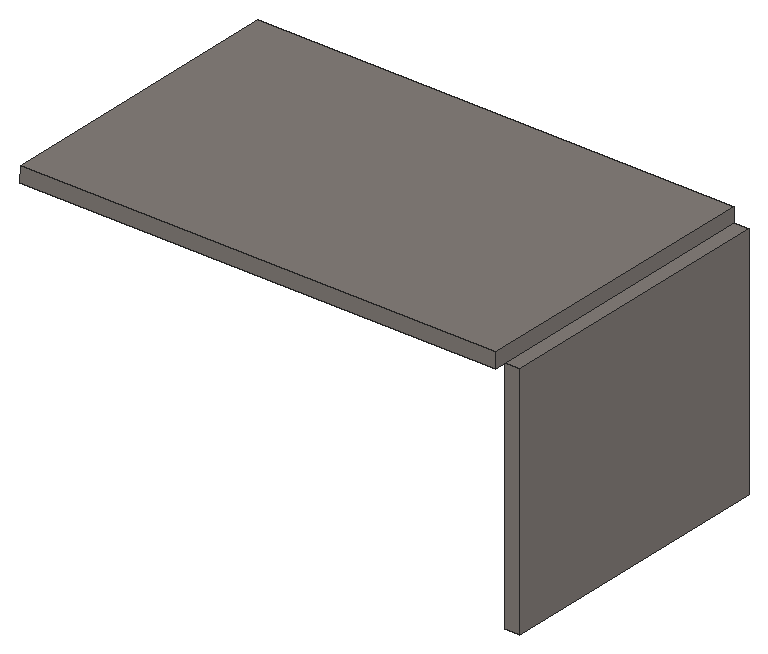
Revit family "Storage-Teknion-AFMT_Hospitality_Cart_Top-R2023", category Furniture, Revit 2023
Family settings
  OmniClass Number = 23.40.20.00
  OmniClass Title = General Furniture and Specialties
  Work Plane-Based = No
  Enable Cutting in Views = No
  Always vertical = Yes
  Cut with Voids When Loaded = No
  Render Appearance Source = Family Geometry
  Shared = Yes
  Room Calculation Point = No
Parameters (values of type "32" Width")
  Width [instance] = 32.000"
  Warranty = "http://www.teknion.com/ca/papers/legal-canada"
  Unit Weight URL = "http://www.teknion.com/ca/tools/assets#&asset=bee6a381-b954-425e-8283-5a2de3a804f2,f828d448-4b62-4231-9e5f-9a8991c0ed77"
  URL = "www.teknion.com"
  Top Finish [instance] = Veneer - Teknion - 5P - Flintwood - Poppy Seed
  To render please download texture images found here [instance] = "https://assets.teknion.com/web/5e81352c1dfdb467/revit-material-swatches/"
  Sustainability Data = "https://www.teknion.com/ca/tools/assets#&topic=216f99a5-57a0-44fc-b10a-9dee9b29ae4c&asset=444deb64-fe58-4b68-981e-f75e97781df7,b4ff2d81-9f2e-437d-9659-7cffb09c31cf"
  Series = "Audience Boardroom Storage"  # constant formula
  Product Page URL = "https://www.teknion.com/ca/products/product-details?productLineId=1a94336e-8e7a-673b-a6c8-ff00004460c4"
  Product Line = "Storage"  # constant formula
  Product Documentation Link = "https://www.teknion.com/pricing/tables/pdfs/AFMT_ppg.pdf"
  Part Number = "AFMT"  # constant formula
  Model = "AFMT32"
  Manufacturer Phone = "416-661-3370"  # constant formula
  Manufacturer Fax = "416.661.4586"  # constant formula
  Manufacturer Contact Information = "http://www.teknion.com/ca/contactus"
  Manufacturer Address = "1150 Flint Road, Toronto, ON. M3J 2J5. Canada"  # constant formula
  Manufacturer = "Teknion"  # constant formula
  How To Use Teknion Materials User Guide [instance] = "https://assets.teknion.com/m/205dd0a49fa58060/original/How-to-add-a-Material-Library-and-Texture-Images-to-your-Revit-project.pdf"
  For Additional Finishes please visit [instance] = "https://assets.teknion.com/m/44a8009b046e5d47/original/Teknion_Materials_Library.zip"
  Description = "Hospitality Cart Top, 32\" Width"
  Default Elevation = 0.000"
  Available Width = "32 Inch Only"  # constant formula
  Assembly Code = "E2020200"
Reference planes (in)
  plane 1 "Center Front/Back": y = -10
  plane 2: z = 0
  plane 3 "Center Left/Right": x = 16
  plane 4 "Left": x = 0
  plane 5 "Right": x = 32
  plane 6 "Back": y = 0
  plane 7 "Front": y = -20
  plane 8 "Top": z = 35
  plane 9: z = 36
  plane 10: x = 33
Forms (in)
  Sweep 1, solid, material "Veneer - Teknion - 5P - Flintwood - Poppy Seed" <- "Top Finish"
    path origin (0, -10, 0) x (1, 0, 0) y (0, 0, 1)
      loop
        line (16, 36) -> (16, 35)
    profile origin (16, -10, 35.5) x (0, -1, 0) y (1, 0, 0)
      loop
        line (-10, -16) -> (10, -16) -> (10, 16) -> (-10, 16) -> (-10, -16)
  Sweep 2, solid, material "Veneer - Teknion - 5P - Flintwood - Poppy Seed" <- "Top Finish"
    path origin (0, 0, 0) x (1, 0, 0) y (0, 1, 0)
      loop
        line (32, -10) -> (33, -10)
    profile origin (32.5, -10, 0) x (0, 1, 0) y (0, 0, 1)
      loop
        line (-9.22126, 19) -> (10, 19) -> (10, 35) -> (-9.22126, 35) -> (-9.22126, 19)
Lines and regions (in)
  Masking region 1
    outline origin (0, 0, 0) x (1, 0, 0) y (0, 1, 0)
      loop
        line (33, 0) -> (0, 0) -> (0, -20) -> (32, -20) -> (32, -19.22126) -> (33, -19.22126) -> (33, 0)
  reference lines
    curve 1: line (0, 0, 0) -> (33, 0, 0)
    curve 2: line (0, -20, 0) -> (33, -20, 0)
    curve 3: line (0, 0, 0) -> (0, -20, 0)
    curve 4: line (33, 0, 0) -> (33, -20, 0)
  symbolic lines
    curve 5: line (32, -20, 0) -> (32, 0, 0)
Dimensions and locks (in)
  "Width": plane 4 "Left" to plane 5 "Right"
  locked: plane 6 "Back" to plane 7 "Front" at 20
  locked: plane 8 "Top" to level at 35
  equal spacing: plane 6 "Back", plane 1 "Center Front/Back", plane 7 "Front"
  equal spacing: plane 4 "Left", plane 3 "Center Left/Right", plane 5 "Right"
  locked: plane 9 to plane 8 "Top" at 1
  locked: plane 5 "Right" to plane 10 at 1
  locked: plane 7 "Front" to Sweep 2 sketch curve at 0.77874
  locked: plane 8 "Top" to Sweep 2 sketch curve at 16
  aligned and locked: level to plane 2
  aligned and locked: curve 1 to plane 6 "Back"
  aligned and locked: plane 7 "Front" to curve 2
  aligned and locked: curve 3 to plane 4 "Left"
  aligned and locked: plane 4 "Left" to nested 1
  aligned and locked: nested 1 to plane 6 "Back"
  aligned and locked: curve 4 to plane 10
  aligned and locked: Sweep 1 sketch curve to plane 3 "Center Left/Right"
  aligned and locked: plane 9 to Sweep 1 sketch curve
  aligned and locked: plane 8 "Top" to Sweep 1 sketch curve
  aligned and locked: Sweep 1 sketch curve to plane 5 "Right"
  aligned and locked: Sweep 1 sketch curve to plane 7 "Front"
  aligned and locked: Sweep 1 sketch curve to plane 4 "Left"
  aligned and locked: Sweep 1 sketch curve to plane 6 "Back"
  aligned and locked: plane 1 "Center Front/Back" to Sweep 2 sketch curve
  aligned and locked: plane 10 to Sweep 2 sketch curve
  aligned and locked: plane 5 "Right" to Sweep 2 sketch curve
  aligned and locked: plane 8 "Top" to Sweep 2 sketch curve
  aligned and locked: plane 6 "Back" to Sweep 2 sketch curve
  aligned and locked: Masking region 1 sketch curve to Sweep 1  (x4)
  aligned and locked: Masking region 1 sketch curve to Sweep 2  (x2)
  aligned and locked: curve 5 to Sweep 1
Automatic sketch dimensions
  plane 7 "Front" to curve 5 = 0.000"
  curve 5 to plane 6 "Back" = 0.000"
Nested families (in)
  nested 1: "Teknion_2D_Node_Family-R2016" at (0, 0, 0), type "Teknion_2D_Node_Family-R2016"
Definition of nested family "Teknion_2D_Node_Family-R2016"
  Reference planes (in)
    plane 1 "Center (Front/Back)": y = 0
    plane 2: z = 0
    plane 3 "Center (Left/Right)": x = 0
  Lines and regions (in)
    detail lines, in view "Ref. Level"
      curve 1: circle (0, 0, 0) r 1.25 normal (0, 0, 1)
      curve 2: line (1.91508, -1.91508, 0) -> (-1.91508, 1.91508, 0)
      curve 3: line (-1.91508, -1.91508, 0) -> (1.91508, 1.91508, 0)
